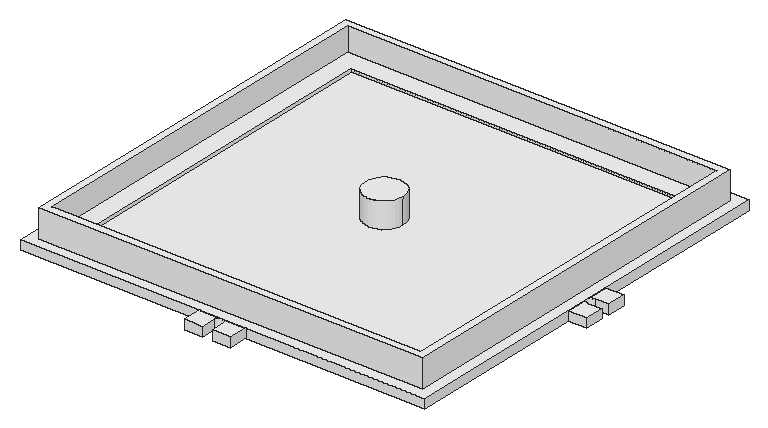
Revit family "Plumbing Fixture-FloorDrain_Mifab_C1300-US", category Plumbing Fixtures, host Face, Revit 2013
Parameters
  WFU = 0
  URL = "WWW.MIFAB.COM"
  Top Assembly Height = 1.027"
  Strainer Radius = Stainer Diameter / 2  # 23.31968"
  Stainer Diameter = 46.63937"
  SQ.5 = 7.152"
  SQ.4 = 7.800"
  SQ.3 = 8.000"
  SQ.2 = 8.300"
  SQ.1 = 8.750"
  Pipe Radius = Pipe Diameter / 2  # 13.000"
  Pipe Diameter = 26.000"
  Model = "C1300US"
  Manufacturer = "MIFAB"
  Floor Drain Material = Paint - Sherwin Williams Paint - #952C2A - Bellwood Red
  Description = "FLOOR ACCESS COVERS RECESSED FOR TERRAZZO"
  Default Elevation = 0.000"
  Body Height = 4.200"
Reference planes (in)
  plane 1 "Center (Front/Back)": y = 0
  plane 2: z = 0
  plane 3 "Center (Left/Right)": x = 0
  plane 4: x = -4.375
  plane 5: x = 4.375
  plane 6: x = -4.15
  plane 7: x = 4.15
  plane 8: y = 4.375
  plane 9: y = -4.375
  plane 10: y = 4.15
  plane 11: y = -4.15
  plane 12: x = -4
  plane 13: x = 4
  plane 14: y = 4
  plane 15: y = -4
  plane 16: y = 3.9
  plane 17: y = -3.9
  plane 18: x = 3.576
  plane 19: x = -3.576
  plane 20: y = 3.576
  plane 21: y = -3.576
  plane 22: x = 3.9
  plane 23: x = -3.9
Forms (in)
  Extrusion 1, solid, material "Paint - Sherwin Williams Paint - #952C2A - Bellwood Red" <- "Floor Drain Material"
    sketch origin (0, 0, 0) x (1, 0, 0) y (0, 1, 0)
      loop
        line (-4.375, 4.375) -> (-4.375, -4.375) -> (4.375, -4.375) -> (4.375, 4.375) -> (-4.375, 4.375)
    from 0 to -0.8
  Extrusion 2, void
    sketch origin (0, 0, 0) x (1, 0, 0) y (0, 1, 0)
      loop
        line (-4.375, 4.375) -> (-4.375, -4.375) -> (4.375, -4.375) -> (4.375, 4.375) -> (-4.375, 4.375)
      loop
        line (-4.15, 4.15) -> (-4.15, -4.15) -> (4.15, -4.15) -> (4.15, 4.15) -> (-4.15, 4.15)
    from 0 to -0.6
  Extrusion 3, void
    sketch origin (0, 0, 0) x (1, 0, 0) y (0, 1, 0)
      loop
        line (-4, 4) -> (-4, -4) -> (4, -4) -> (4, 4) -> (-4, 4)
    from 0 to -0.5
  Extrusion 4, void
    sketch origin (0, 0, 0) x (1, 0, 0) y (0, 1, 0)
      loop
        line (3.9, 3.9) -> (-3.9, 3.9) -> (-3.9, -3.9) -> (3.9, -3.9) -> (3.9, 3.9)
    from -0.675 to -0.8
  Extrusion 5, void
    sketch origin (0, 0, 0) x (1, 0, 0) y (0, 1, 0)
      loop
        line (-3.576, 3.576) -> (-3.576, -3.576) -> (3.576, -3.576) -> (3.576, 3.576) -> (-3.576, 3.576)
    from 0 to -0.8
  Extrusion 6, solid, material "Paint - Sherwin Williams Paint - #952C2A - Bellwood Red" <- "Floor Drain Material"
    sketch origin (0, 0, 0) x (1, 0, 0) y (0, 1, 0)
      loop
        line (3.9, 3.9) -> (-3.9, 3.9) -> (-3.9, -3.9) -> (3.9, -3.9) -> (3.9, 3.9)
    from -0.675 to -0.8
  Extrusion 7, solid, material "Paint - Sherwin Williams Paint - #952C2A - Bellwood Red" <- "Floor Drain Material"
    sketch origin (0, 0, 0) x (1, 0, 0) y (0, 1, 0)
      loop
        line (-3.576, 3.576) -> (-3.576, -3.576) -> (3.576, -3.576) -> (3.576, 3.576) -> (-3.576, 3.576)
    from -0.675 to -0.55
  Extrusion 8, solid, material "Paint - Sherwin Williams Paint - #952C2A - Bellwood Red" <- "Floor Drain Material"
    sketch origin (0, 0, 0) x (1, 0, 0) y (0, 1, 0)
      loop
        circle (0, 0) r 0.41
    from 0 to -0.55
  Extrusion 9, solid, material "Paint - Sherwin Williams Paint - #952C2A - Bellwood Red" <- "Floor Drain Material"
    sketch origin (0, 0, 0) x (1, 0, 0) y (0, 1, 0)
      loop
        line (-4.775, 0.5) -> (-4.775, 0.1) -> (-4.475, 0.1)
        arc (-4.475, 0.1) -> (-4.375, 0) -> (-4.475, -0.1) r 0.1
        line (-4.475, -0.1) -> (-4.775, -0.1) -> (-4.775, -0.5) -> (-4.365, -0.5) -> (-4.365, 0.5) -> (-4.775, 0.5)
      loop
        line (4.775, 0.5) -> (4.365, 0.5) -> (4.365, -0.5) -> (4.775, -0.5) -> (4.775, -0.1) -> (4.475, -0.1)
        arc (4.475, -0.1) -> (4.375, 0) -> (4.475, 0.1) r 0.1
        line (4.475, 0.1) -> (4.775, 0.1) -> (4.775, 0.5)
      loop
        line (0.5, 4.775) -> (0.1, 4.775) -> (0.1, 4.475)
        arc (0.1, 4.475) -> (0, 4.375) -> (-0.1, 4.475) r 0.1
        line (-0.1, 4.475) -> (-0.1, 4.775) -> (-0.5, 4.775) -> (-0.5, 4.365) -> (0.5, 4.365) -> (0.5, 4.775)
      loop
        line (0.5, -4.775) -> (0.5, -4.365) -> (-0.5, -4.365) -> (-0.5, -4.775) -> (-0.1, -4.775) -> (-0.1, -4.475)
        arc (-0.1, -4.475) -> (0, -4.375) -> (0.1, -4.475) r 0.1
        line (0.1, -4.475) -> (0.1, -4.775) -> (0.5, -4.775)
    from -0.6 to -0.8
Cuts and joins
  Extrusion 2, Extrusion 3, Extrusion 4, Extrusion 5 cuts Extrusion 1
Lines and regions (in)
  symbolic lines
    curve 1: line (-4.375, 4.375, 0) -> (4.375, 4.375, 0)
    curve 2: line (-4.375, -4.375, 0) -> (-4.375, 4.375, 0)
    curve 3: line (4.375, -4.375, 0) -> (-4.375, -4.375, 0)
    curve 4: line (4.375, 4.375, 0) -> (4.375, -4.375, 0)
Dimensions and locks (in)
  equal spacing: plane 6, plane 3 "Center (Left/Right)", plane 7
  equal spacing: plane 4, plane 3 "Center (Left/Right)", plane 5
  equal spacing: plane 8, plane 1 "Center (Front/Back)", plane 9
  equal spacing: plane 10, plane 1 "Center (Front/Back)", plane 11
  equal spacing: plane 12, plane 3 "Center (Left/Right)", plane 13
  equal spacing: plane 14, plane 1 "Center (Front/Back)", plane 15
  "SQ.1": plane 8 to plane 9
  "SQ.2": plane 10 to plane 11
  "SQ.3": plane 14 to plane 15
  "SQ.1": plane 4 to plane 5
  "SQ.2": plane 6 to plane 7
  "SQ.3": plane 12 to plane 13
  equal spacing: plane 16, plane 1 "Center (Front/Back)", plane 17
  equal spacing: plane 20, plane 1 "Center (Front/Back)", plane 21
  equal spacing: plane 19, plane 3 "Center (Left/Right)", plane 18
  equal spacing: plane 23, plane 3 "Center (Left/Right)", plane 22
  "SQ.4": plane 23 to plane 22
  "SQ.5": plane 19 to plane 18
  "SQ.4": plane 16 to plane 17
  "SQ.5": plane 20 to plane 21
  Extrusion 9 sketch curve to plane 4 = 0.400"
  locked: Extrusion 9 sketch curve to Extrusion 9 sketch curve at 1  (x2)
  equal spacing: Extrusion 9 sketch curve, plane 1 "Center (Front/Back)", Extrusion 9 sketch curve
  locked: Extrusion 9 sketch curve to plane 4 at 0.4
  plane 4 to Extrusion 9 sketch curve = 0.010"
  Extrusion 9 sketch curve to Extrusion 9 sketch curve = 1.000"
  locked: plane 5 to Extrusion 9 sketch curve at 0.4
  locked: Extrusion 9 sketch curve to plane 5 at 0.01
  diameter of Extrusion 8 sketch curve = 0.820"
  diameter of Extrusion 9 sketch curve = 0.200"  (x2)
  aligned and locked: plane 2 to host face
  aligned and locked: level to host face
  aligned and locked: Extrusion 1 sketch curve to plane 8
  aligned and locked: plane 4 to Extrusion 1 sketch curve
  aligned and locked: plane 9 to Extrusion 1 sketch curve
  aligned and locked: Extrusion 1 sketch curve to plane 5
  aligned and locked: Extrusion 2 sketch curve to plane 8
  aligned and locked: plane 4 to Extrusion 2 sketch curve
  aligned and locked: plane 9 to Extrusion 2 sketch curve
  aligned and locked: Extrusion 2 sketch curve to plane 5
  aligned and locked: Extrusion 2 sketch curve to plane 10
  aligned and locked: plane 11 to Extrusion 2 sketch curve
  aligned and locked: Extrusion 2 sketch curve to plane 7
  aligned and locked: plane 12 to Extrusion 3 sketch curve
  aligned and locked: plane 15 to Extrusion 3 sketch curve
  aligned and locked: Extrusion 3 sketch curve to plane 13
  aligned and locked: Extrusion 3 sketch curve to plane 14
  aligned and locked: plane 16 to Extrusion 4 sketch curve
  aligned and locked: Extrusion 4 sketch curve to plane 22
  aligned and locked: Extrusion 4 sketch curve to plane 17
  aligned and locked: Extrusion 4 sketch curve to plane 23
  aligned and locked: Extrusion 5 sketch curve to plane 20
  aligned and locked: plane 19 to Extrusion 5 sketch curve
  aligned and locked: plane 21 to Extrusion 5 sketch curve
  aligned and locked: Extrusion 5 sketch curve to plane 18
  aligned and locked: plane 16 to Extrusion 6 sketch curve
  aligned and locked: Extrusion 6 sketch curve to plane 22
  aligned and locked: Extrusion 6 sketch curve to plane 17
  aligned and locked: Extrusion 6 sketch curve to plane 23
  aligned and locked: Extrusion 7 sketch curve to plane 20
  aligned and locked: plane 19 to Extrusion 7 sketch curve
  aligned and locked: plane 21 to Extrusion 7 sketch curve
  aligned and locked: Extrusion 7 sketch curve to plane 18
  aligned and locked: curve 1 to plane 8
  aligned and locked: plane 4 to curve 2
  aligned and locked: plane 9 to curve 3
  aligned and locked: curve 4 to plane 5
Automatic sketch dimensions
  host sketch curve to host sketch curve = 96.000"  (x2)
  Extrusion 2 sketch curve to plane 6 = 0.000"
  plane 1 "Center (Front/Back)" to Extrusion 8 sketch curve = 0.000"
  Extrusion 8 sketch curve to plane 3 "Center (Left/Right)" = 0.000"
  Extrusion 9 sketch curve to plane 4 = 0.400"
  Extrusion 9 sketch curve to plane 9 = 0.400"
  plane 1 "Center (Front/Back)" to Extrusion 9 sketch curve = 0.000"  (x2)
  Extrusion 9 sketch curve to plane 3 "Center (Left/Right)" = 0.000"  (x2)
  Extrusion 9 sketch curve to plane 4 = 0.100"
  Extrusion 9 sketch curve to plane 3 "Center (Left/Right)" = 0.500"  (x2)
  Extrusion 9 sketch curve to plane 3 "Center (Left/Right)" = 0.100"  (x2)
  Extrusion 9 sketch curve to plane 8 = 0.010"
  Extrusion 9 sketch curve to Extrusion 9 sketch curve = 0.400"  (x3)
  plane 5 to Extrusion 9 sketch curve = 0.100"
  plane 5 to Extrusion 9 sketch curve = 0.400"
  Extrusion 9 sketch curve to Extrusion 9 sketch curve = 0.000"  (x2)
  Extrusion 9 sketch curve to plane 9 = 0.100"
  plane 9 to Extrusion 9 sketch curve = 0.010"
  plane 8 to Extrusion 9 sketch curve = 0.100"
  Extrusion 9 sketch curve to Extrusion 9 sketch curve = 0.300"
